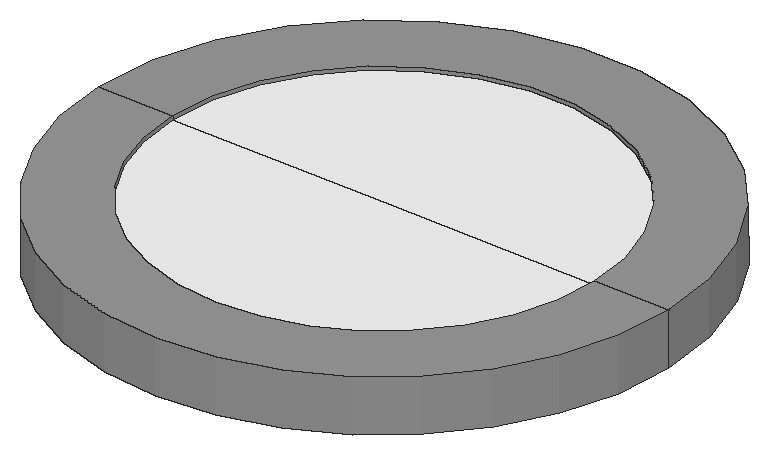
Revit family "0053413", category Lighting Fixtures, host Face, Revit 2017
Family settings
  Host = Face
  Round Connector Dimension = Use Diameter
  Part Type = Normal
  OmniClass Number = 23.80.70.00
  OmniClass Title = Lighting
  Cut with Voids When Loaded = No
  Light Source = Yes
  Shared = No
  Room Calculation Point = No
Parameters (values of type "0053413 SYLFLAT 5IN1 55-125 1150LM CCT LILO - 6500K")
  Weight = "6.3 kg"
  Wattage Comments = ""
  Wattage = 11 W
  WarrantyStartDate [instance] = "n/a"
  WarrantyGuarantorParts = "n/a"
  WarrantyDurationUnit = "n/a"
  WarrantyDurationParts = "n/a"
  WarrantyDescription = "n/a"
  built-in parameter 1150110 = 1 (stored number, unit not read)
  Voltage = 230 V
  URL = "http://www.sylvania-lighting.com"
  TypeName = "SYLFLAT 5IN1 55-125 1150LM CCT LILO - 6500K"
  Type Image = <None>
  Type Comments = "n/a"
  built-in parameter 1114217 = 1 (stored number, unit not read)
  Tilt Angle = -90.00°
  built-in parameter 1150109 = 1 (stored number, unit not read)
  built-in parameter 1150134 = 1
  built-in parameter 1150113 = 1 (stored number, unit not read)
  SerialNumber [instance] = "n/a"
  S_SYL = yes
  RingVisible_SYL [instance] = no
  Radius_SYL = if(S_SYL, 82.1 mm, if(M_SYL, 108.4 mm, 145.8 mm))  # 82.1 mm
  RadiusRing_SYL = if(S_SYL, 83.1 mm, if(M_SYL, 109.4 mm, 146.8 mm))  # 83.1 mm
  RadiusRingIn_SYL = if(S_SYL, 59.5 mm, if(M_SYL, 85.8 mm, 123.2 mm))  # 59.5 mm
  Photometric Web File = "0053413-WW.ies"
  Material_3_SYL = Chrome - Polished
  PowerFactor = 0
  PowerConsumption = "11 W"
  NominalLength = 165 mm
  NominalHeight = 35 mm
  NominalDepth = 165 mm
  Name = "SYLFLAT 5IN1 55-125 1150LM CCT LILO - 6500K"
  ModelReference = Name  # "SYLFLAT 5IN1 55-125 1150LM CCT LILO - 6500K"
  ModelNumber = "0053413"
  Model = Name  # "SYLFLAT 5IN1 55-125 1150LM CCT LILO - 6500K"
  Material = "pc polycarbonate housing"
  ManufacturerName = "Feilo Sylvania"
  Manufacturer = "Feilo Sylvania"
  M_SYL = no
  LuminousEfficacy = "105 lm/W"
  LuminousAreaRad_SYL = if(S_SYL, 60.8 mm, if(M_SYL, 87 mm, 124.4 mm))  # 60.8 mm
  built-in parameter 1150105 = 91.912 (stored number, unit not read)
  Lumens = 1155 lm
  LuminaireType = ""
  built-in parameter 1150115 = 1 (stored number, unit not read)
  LightOutputRatio = "n/a"
  built-in parameter 1150137 = (empty or 0)
  built-in parameter 1150139 = (empty or 0)
  LampsType = Lamp  # "LED"
  LampNominalLuminous = "1150 lm"
  LampMacAdamStep = "n/a"
  LampColourTemperature = "6500 K"
  LampColourRenderingIndex = "80"
  built-in parameter 1150112 = 1 (stored number, unit not read)
  built-in parameter 1150114 = 1 (stored number, unit not read)
  Lamp = "LED"
  Keynote = "16500"
  InstallationDate [instance] = "n/a"
  InputVoltage = "220-240 V AC"
  InputNominalFrequency = "50/60 Hz"
  built-in parameter 1150132 = (empty or 0)
  built-in parameter 1150102 = (empty or 0)
  built-in parameter 1150107 = 6500 (stored number, unit not read)
  built-in parameter 1150138 = (empty or 0)
  IngressProtection = "IP20"
  ImpactProtectionIndex = "IK03"
  built-in parameter 1150106 = 0.91912 (stored number, unit not read)
  IfcExportType = "IfcLightFixtureType"
  IfcExportAs = "IfcLightFixtureType"
  Emit from Circle Diameter = LuminousAreaRad_SYL * 2  # 121.6 mm
  Emit Shape Visible in Rendering = no
  ElectricShockClassification = "Class II"
  built-in parameter 1150104 = 9.7548 (stored number, unit not read)
  DocumentationLiterature = "http://www.sylvania-lighting.com/product/en-int/products/0053413"
  DimmingControlOptions = "n/a"
  Material_2_SYL = LED
  Dimming Lamp Color Temperature Shift = <None>
  Description = ""
  Default Elevation = 1219.2 mm
  CreatedOn = "8/26/2019"
  CreatedBy = "@sylvania-lighting.com"
  Cost = 0
  Color Filter = 16777215
  built-in parameter 1114216 [instance] = (empty or 0)
  ClassificationValue = "EF_70_80"
  ClassificationName = "Uniclass2015"
  Material_1_SYL = PC/ABS Plastic
  BarCode [instance] = "n/a"
  built-in parameter 1114218 = 1 (stored number, unit not read)
  built-in parameter 1150133 = 10 (stored number, unit not read)
  AssetType = "Fixed"
  AssetIdentifier [instance] = "n/a"
  Assembly Code = "D5020200"
  Apparent Load = 11 VA
  Material_4_SYL = Plastic, Opaque Black
Types (3, lengths in mm): name | TypeName | built-in parameter 1150134 | Photometric Web File | Name | ModelReference | Model | LampColourTemperature | built-in parameter 1150107
  0053413 SYLFLAT 5IN1 55-125 1150LM CCT LILO - 6500K | "SYLFLAT 5IN1 55-125 1150LM CCT LILO - 6500K" | 1 | "0053413-WW.ies" | "SYLFLAT 5IN1 55-125 1150LM CCT LILO - 6500K" | "SYLFLAT 5IN1 55-125 1150LM CCT LILO - 6500K" | "SYLFLAT 5IN1 55-125 1150LM CCT LILO - 6500K" | "6500 K" | 6500 (stored number, unit not read)
  0053413 SYLFLAT 5IN1 55-125 1150LM CCT LILO - 4000K | "SYLFLAT 5IN1 55-125 1150LM CCT LILO - 4000K" | 12 | "0053413-NW.ies" | "SYLFLAT 5IN1 55-125 1150LM CCT LILO - 4000K" | "SYLFLAT 5IN1 55-125 1150LM CCT LILO - 4000K" | "SYLFLAT 5IN1 55-125 1150LM CCT LILO - 4000K" | "4000 K" | 4000 (stored number, unit not read)
  0053413 SYLFLAT 5IN1 55-125 1150LM CCT LILO - 3000K | "SYLFLAT 5IN1 55-125 1150LM CCT LILO - 3000K" | (empty or 0) | "0053413-CW.ies" | "SYLFLAT 5IN1 55-125 1150LM CCT LILO - 3000K" | "SYLFLAT 5IN1 55-125 1150LM CCT LILO - 3000K" | "SYLFLAT 5IN1 55-125 1150LM CCT LILO - 3000K" | "3000 K" | 3000 (stored number, unit not read)
Reference planes
  plane 1 "Center (Front/Back)": y = 0
  plane 2: z = 0
  plane 3 "Center (Left/Right)": x = 0
  plane 4: x = -82.1
  plane 5: z = 15
  plane 6: x = -60.8
  plane 7: z = 14
  plane 8: x = -83.1
  plane 9: z = 16
  plane 10: x = -59.5
Forms (mm)
  Revolve 1, solid, material "PC/ABS Plastic" <- "Material_1_SYL"
    sketch origin (0, 0, 0) x (1, 0, 0) y (0, 0, 1)
      loop
        line (0, 14) -> (-60.8, 14) -> (-60.8, 15) -> (-82.1, 15) -> (-82.1, 0) -> (0, 0) -> (0, 14)
      axis (0, 15) -> (0, 0)
    angle from 360 to 0
  Revolve 2, solid, material "Chrome - Polished" <- "Material_3_SYL", visible <- "RingVisible_SYL"
    sketch origin (0, 0, 0) x (1, 0, 0) y (0, 0, 1)
      loop
        line (-83.1, 0) -> (-82.1, 0) -> (-82.1, 15) -> (-59.5, 15) -> (-59.5, 16) -> (-83.1, 16) -> (-83.1, 0)
      axis (0, 16) -> (0, 0)
    angle from 360 to 0
Dimensions and locks
  locked: plane 5 to level at 15
  "Radius_SYL": plane 3 "Center (Left/Right)" to plane 4
  "LuminousAreaRad_SYL": plane 3 "Center (Left/Right)" to plane 6
  locked: plane 5 to plane 7 at 1
  locked: plane 9 to level at 16
  "RadiusRing_SYL": plane 3 "Center (Left/Right)" to plane 8
  "RadiusRingIn_SYL": plane 3 "Center (Left/Right)" to plane 10
  aligned and locked: plane 2 to host face
  aligned and locked: level to host face
  aligned and locked: Revolve 1 sketch curve to plane 3 "Center (Left/Right)"
  aligned and locked: plane 3 "Center (Left/Right)" to Revolve 1 sketch curve
  aligned and locked: Revolve 1 sketch curve to plane 7
  aligned and locked: Revolve 1 sketch curve to plane 6
  aligned and locked: Revolve 1 sketch curve to plane 5
  aligned and locked: Revolve 1 sketch curve to plane 4
  aligned and locked: Revolve 1 sketch curve to level
  aligned and locked: imposter light to Revolve 1 sketch curve
  aligned and locked: imposter light to plane 7
  aligned and locked: plane 3 "Center (Left/Right)" to imposter light
  aligned and locked: imposter light to plane 1 "Center (Front/Back)"
  aligned and locked: Revolve 2 sketch curve to plane 3 "Center (Left/Right)"
  aligned and locked: level to Revolve 2 sketch curve
  aligned and locked: plane 8 to Revolve 2 sketch curve
  aligned and locked: plane 9 to Revolve 2 sketch curve
  aligned and locked: Revolve 2 sketch curve to plane 10
  aligned and locked: Revolve 2 sketch curve to plane 5
  aligned and locked: Revolve 2 sketch curve to Revolve 1
  aligned and locked: Revolve 1 to Revolve 2 sketch curve
Automatic sketch dimensions
  host sketch curve to host sketch curve = 400 mm  (x2)
  Revolve 1 sketch curve to level = 609.6 mm
  Revolve 1 sketch curve to plane 5 = 2594.058 mm
  Revolve 2 sketch curve to level = 609.6 mm
  Revolve 2 sketch curve to plane 9 = 2593.058 mm
Connectors
  electrical at (0, 0, 0), driven by "Apparent Load", driven by "PowerFactor", driven by "Voltage"
    settings: index 1, voltage 230 V, apparent load 11 VA, apparent load phase1 0 VA, apparent load phase2 0 VA, apparent load phase3 0 VA, power factor 0, load classification "Lighting", number of poles 1, system type 30, power factor state 1, is connector primary yes, connector utility no, sub classification motor no, connector description ""
